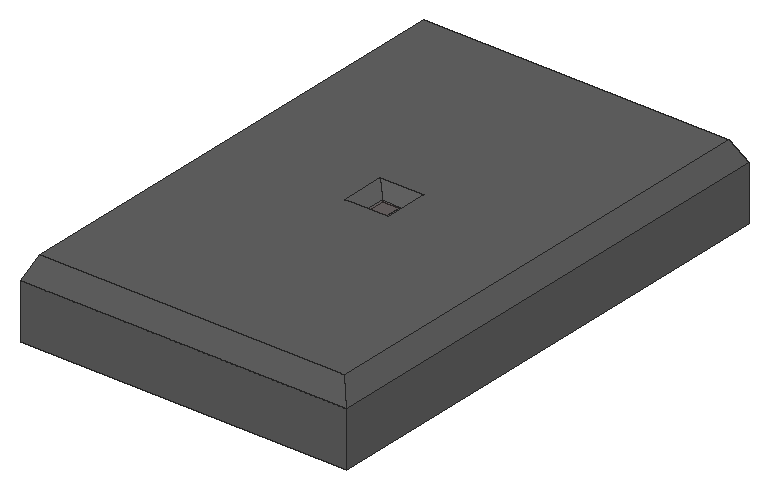
Revit family "Smartcard Reader_Delta5_Farpointe_R15", category Security Devices, host Face, Revit 2015
Parameters
  Width = 3"
  URL - Quick Start Guides [instance] = "http://farpointedata.com/downloads/qsg_and_ref/SmartcardReaders_QSG.pdf"
  URL - Mounting Guides Letter Size [instance] = "http://farpointedata.com/downloads/mounting_guides/MountingGuide_Delta5_Ltr.pdf"
  URL - Mounting Guides A4 Size [instance] = "http://farpointedata.com/downloads/mounting_guides/MountingGuide_Delta5_A4.pdf"
  URL - Data Sheets [instance] = "http://farpointedata.com/downloads/datasheets/Delta5_TDS.pdf"
  URL - Bid Specifications [instance] = "http://farpointedata.com/downloads/bid_specs/Farpointe_Delta_Specification.docx"
  URL = "http://www.farpointedata.com/"
  Modeled By [instance] = "www.commensestudio.com"
  Model = "Delta5 Contactless Smartcard Reader"  # constant formula
  Manufacturer = "Farpointe Data"  # constant formula
  LED [instance] = LED
  Height = 4.6"
  Description = "Single-Gang Wall Switch Box"  # constant formula
  Depth = 0.4"
  Default Elevation = 48"
  Cover [instance] = Cover
Reference planes (in)
  plane 1 "Center (Front/Back)": y = 0
  plane 2: z = 0
  plane 3 "Center (Left/Right)": x = 0
  plane 4: x = -1.5
  plane 5: x = 1.5
  plane 6: y = 2.3
  plane 7: y = -2.3
  plane 8: z = 0.4
Forms (in)
  Extrusion 1, solid, material "Cover" <- "Cover"
    sketch origin (0, 0, 0) x (1, 0, 0) y (0, 1, 0)
      loop
        line (-1.5, -2.3) -> (1.5, -2.3) -> (1.5, 2.3) -> (-1.5, 2.3) -> (-1.5, -2.3)
    from 0 to 0.5
  Blend 2, solid, material "Cover" <- "Cover"
    base sketch origin (0, 0, 0) x (1, 0, 0) y (0, 1, 0)
      loop
        line (-1.5, 2.3) -> (-1.5, -2.3) -> (1.5, -2.3) -> (1.5, 2.3) -> (-1.5, 2.3)
    top sketch origin (0, 0, 0) x (1, 0, 0) y (0, 1, 0)
      loop
        line (-1.4, 2.2) -> (-1.4, -2.2) -> (1.4, -2.2) -> (1.4, 2.2) -> (-1.4, 2.2)
    from 0.5 to 0.7
  Extrusion 3, solid, material "LED" <- "LED"
    sketch origin (0, 0, 0) x (1, 0, 0) y (0, 1, 0)
      loop
        line (0.085, -0.085) -> (0.085, 0.085) -> (-0.085, 0.085) -> (-0.085, -0.085) -> (0.085, -0.085)
    from 0.5 to 0.61
  Blend 4, void
    base sketch origin (0, 0, 0) x (1, 0, 0) y (0, 1, 0)
      loop
        line (-0.085, 0.085) -> (-0.085, -0.085) -> (0.085, -0.085) -> (0.085, 0.085) -> (-0.085, 0.085)
    top sketch origin (0, 0, 0) x (1, 0, 0) y (0, 1, 0)
      loop
        line (-0.19907, 0.19907) -> (-0.19907, -0.19907) -> (0.19907, -0.19907) -> (0.19907, 0.19907) -> (-0.19907, 0.19907)
    from 0.6 to 0.7
Cuts and joins
  Blend 4 cuts Blend 2
Dimensions and locks (in)
  equal spacing: plane 7, plane 1 "Center (Front/Back)", plane 6
  equal spacing: plane 4, plane 3 "Center (Left/Right)", plane 5
  "Height": plane 7 to plane 6
  "Width": plane 4 to plane 5
  "Depth": plane 8 to level
  aligned and locked: plane 2 to host face
  aligned and locked: level to host face
Automatic sketch dimensions
  host sketch curve to host sketch curve = 96"  (x2)
  plane 4 to Extrusion 1 sketch curve = 0"
  Extrusion 1 sketch curve to plane 5 = 0"
  Extrusion 1 sketch curve to plane 7 = 0"
  plane 6 to Extrusion 1 sketch curve = 0"
  plane 4 to Blend 2 sketch curve = 0"
  Blend 2 sketch curve to plane 5 = 0"
  Blend 2 sketch curve to plane 7 = 0"
  plane 6 to Blend 2 sketch curve = 0"
  Blend 2 sketch curve to plane 3 "Center (Left/Right)" = 1.4"
  plane 3 "Center (Left/Right)" to Blend 2 sketch curve = 1.4"
  Blend 2 sketch curve to plane 7 = 0.1"
  plane 6 to Blend 2 sketch curve = 0.1"
  Extrusion 3 sketch curve to plane 3 "Center (Left/Right)" = 0.085"
  plane 3 "Center (Left/Right)" to Extrusion 3 sketch curve = 0.085"
  plane 1 "Center (Front/Back)" to Extrusion 3 sketch curve = 0.085"
  Extrusion 3 sketch curve to plane 1 "Center (Front/Back)" = 0.085"
  Blend 4 sketch curve to plane 3 "Center (Left/Right)" = 0.085"
  plane 3 "Center (Left/Right)" to Blend 4 sketch curve = 0.085"
  plane 1 "Center (Front/Back)" to Blend 4 sketch curve = 0.085"
  Blend 4 sketch curve to plane 1 "Center (Front/Back)" = 0.085"
  Blend 4 sketch curve to plane 3 "Center (Left/Right)" = 0.19907"
  plane 3 "Center (Left/Right)" to Blend 4 sketch curve = 0.19907"
  plane 1 "Center (Front/Back)" to Blend 4 sketch curve = 0.19907"
  Blend 4 sketch curve to plane 1 "Center (Front/Back)" = 0.19907"
Connectors (in)
  electrical at (0, 0, 0)
    settings: index 3, voltage 0 V, apparent load 0 VA, apparent load phase1 0 VA, apparent load phase2 0 VA, apparent load phase3 0 VA, power factor 1, load classification "Other", number of poles 1, system type 10, power factor state 1, is connector primary yes, connector utility no, sub classification motor no, connector description ""
